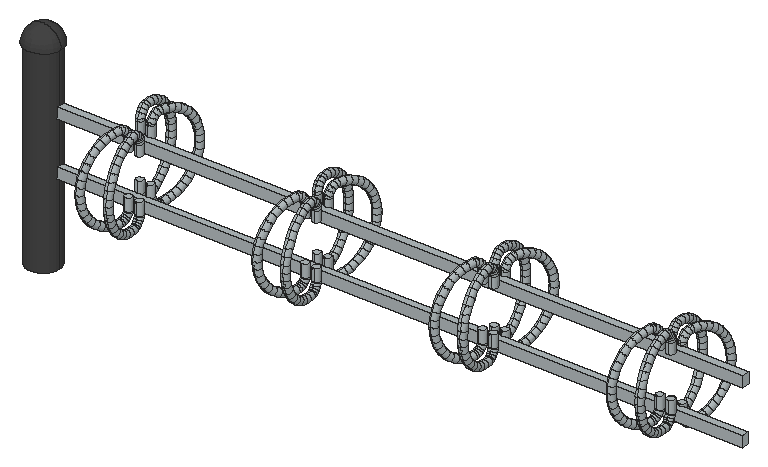
Revit family "Sirius 8 Pl Rak", category Furniture, Revit 2020 (continued)
Lines and regions (mm)
  sketch lines
    curve 453: line (1274.26, 29.032, 444.502) -> (1272.892, 21.269, 440.16)
    curve 454: line (1275.506, 36.097, 445.919) -> (1274.26, 29.032, 444.502)
    curve 455: line (1278.703, 54.227, 444.528) -> (1275.506, 36.097, 445.919)
    curve 456: line (1281.678, 71.099, 440.456) -> (1278.703, 54.227, 444.528)
    curve 457: line (1284.585, 87.585, 433.239) -> (1281.678, 71.099, 440.456)
    curve 458: line (1287.276, 102.844, 423.895) -> (1284.585, 87.585, 433.239)
    curve 459: line (1289.703, 116.61, 412.221) -> (1287.276, 102.844, 423.895)
    curve 460: line (1291.688, 127.867, 398.46) -> (1289.703, 116.61, 412.221)
    curve 461: line (1293.405, 137.607, 382.597) -> (1291.688, 127.867, 398.46)
    curve 462: line (1294.532, 143.997, 365.749) -> (1293.405, 137.607, 382.597)
    curve 463: line (1295.26, 148.128, 347.692) -> (1294.532, 143.997, 365.749)
    curve 464: line (1295.525, 149.629, 329.51) -> (1295.26, 148.128, 347.692)
    curve 465: line (1295.308, 148.399, 311.426) -> (1295.525, 149.629, 329.51)
    curve 466: line (1294.529, 143.981, 293.864) -> (1295.308, 148.399, 311.426)
    curve 467: line (1293.373, 137.423, 277.658) -> (1294.529, 143.981, 293.864)
    curve 468: line (1291.726, 128.085, 262.148) -> (1293.373, 137.423, 277.658)
    curve 469: line (1289.626, 116.173, 247.544) -> (1291.726, 128.085, 262.148)
    curve 470: line (1287.239, 102.637, 235.635) -> (1289.626, 116.173, 247.544)
    curve 471: line (1284.511, 87.163, 226.27) -> (1287.239, 102.637, 235.635)
    curve 472: line (1281.719, 71.333, 219.35) -> (1284.511, 87.163, 226.27)
    curve 473: line (1279.039, 56.13, 216.02) -> (1281.719, 71.333, 219.35)
    curve 474: line (1275.864, 38.124, 213.442) -> (1279.039, 56.13, 216.02)
    curve 475: line (1274.482, 30.285, 214.457) -> (1275.864, 38.124, 213.442)
    curve 476: line (1272.803, 20.764, 220.175) -> (1274.482, 30.285, 214.457)
    curve 477: line (1271.832, 15.26, 225.764) -> (1272.803, 20.764, 220.175)
    curve 478: line (1271.181, 11.568, 233.464) -> (1271.832, 15.26, 225.764)
    curve 479: line (1270.916, 10.063, 241.451) -> (1271.181, 11.568, 233.464)
    curve 480: line (1270.916, 10.063, 271.563) -> (1270.916, 10.063, 241.451)
    curve 481: line (1240.503, 10.536, 420.279) -> (1240.503, 10.536, 387.516)
    curve 482: line (1240.395, 11.15, 424.639) -> (1240.503, 10.536, 420.279)
    curve 483: line (1239.548, 15.955, 433.19) -> (1240.395, 11.15, 424.639)
    curve 484: line (1238.572, 21.49, 439.606) -> (1239.548, 15.955, 433.19)
    curve 485: line (1237.203, 29.253, 443.948) -> (1238.572, 21.49, 439.606)
    curve 486: line (1235.957, 36.319, 445.365) -> (1237.203, 29.253, 443.948)
    curve 487: line (1232.76, 54.449, 443.974) -> (1235.957, 36.319, 445.365)
    curve 488: line (1229.785, 71.32, 439.902) -> (1232.76, 54.449, 443.974)
    curve 489: line (1226.879, 87.806, 432.685) -> (1229.785, 71.32, 439.902)
    curve 490: line (1224.188, 103.066, 423.341) -> (1226.879, 87.806, 432.685)
    curve 491: line (1221.761, 116.831, 411.667) -> (1224.188, 103.066, 423.341)
    curve 492: line (1219.776, 128.088, 397.906) -> (1221.761, 116.831, 411.667)
    curve 493: line (1218.058, 137.828, 382.043) -> (1219.776, 128.088, 397.906)
    curve 494: line (1216.932, 144.218, 365.195) -> (1218.058, 137.828, 382.043)
    curve 495: line (1216.203, 148.349, 347.138) -> (1216.932, 144.218, 365.195)
    curve 496: line (1215.939, 149.851, 328.956) -> (1216.203, 148.349, 347.138)
    curve 497: line (1216.155, 148.62, 310.872) -> (1215.939, 149.851, 328.956)
    curve 498: line (1216.935, 144.202, 293.31) -> (1216.155, 148.62, 310.872)
    curve 499: line (1218.091, 137.644, 277.104) -> (1216.935, 144.202, 293.31)
    curve 500: line (1219.737, 128.306, 261.594) -> (1218.091, 137.644, 277.104)
    curve 501: line (1221.838, 116.394, 246.99) -> (1219.737, 128.306, 261.594)
    curve 502: line (1224.225, 102.858, 235.081) -> (1221.838, 116.394, 246.99)
    curve 503: line (1226.953, 87.384, 225.716) -> (1224.225, 102.858, 235.081)
    curve 504: line (1229.744, 71.554, 218.796) -> (1226.953, 87.384, 225.716)
    curve 505: line (1232.425, 56.351, 215.466) -> (1229.744, 71.554, 218.796)
    curve 506: line (1235.6, 38.345, 212.888) -> (1232.425, 56.351, 215.466)
    curve 507: line (1236.982, 30.507, 213.903) -> (1235.6, 38.345, 212.888)
    curve 508: line (1238.661, 20.985, 219.621) -> (1236.982, 30.507, 213.903)
    curve 509: line (1239.631, 15.481, 225.21) -> (1238.661, 20.985, 219.621)
    curve 510: line (1240.282, 11.789, 232.91) -> (1239.631, 15.481, 225.21)
    curve 511: line (1240.548, 10.285, 240.897) -> (1240.282, 11.789, 232.91)
    curve 512: line (1240.548, 10.285, 271.009) -> (1240.548, 10.285, 240.897)
Dimensions and locks
  aligned and locked: level to plane 2
